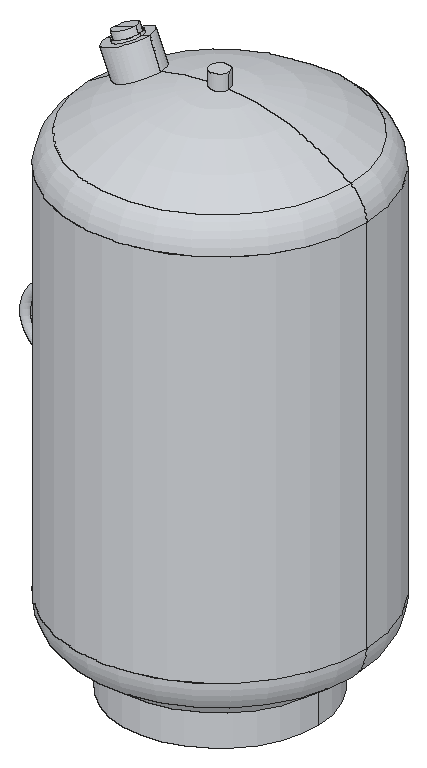
Revit family
Parameters (values of type "AX-40V 125# W.P.")
  Weight = "80.4 lbs"
  Tank Volume = "21.7 Gal"
  Tank Only/Less Stand = 29.000"
  Tank Height = 29.375"
  Tank Diameter = 16.000"
  Pipe Connector Diameter = Pipe Connection Radius * 2  # 0.500"
  Pipe Connection Radius = 0.250"
  Model = "AX-40V"
  Maximum Acceptance Volume = "11.3 Gal"
  Max Operating Temp = "240 DEG F"
  Max Operating Pressure = "125 PSI"
  Manufacturer = "Amtrol"
  Lifting Ring Location = Tank Height / 2  # 14.6875"
  Floor to Bottom of Tank = 0.375"
  Bladder/Diaphragm = "Diaphragm"
  ASME = no
Types (6): name | Weight | Tank Volume | Tank Only/Less Stand | Tank Height | Model | Max Operating Pressure | Lifting Ring Location
  (no name) | "80.4 lbs" | "21.7 Gal" | 29.000" | 29.375" | "AX-40V" | "125 PSI" | 14.6875"
  AX-40V 125# W.P. | "80.4 lbs" | "21.7 Gal" | 29.000" | 29.375" | "AX-40V" | "125 PSI" | 14.6875"
  AX-40V 150# W.P. 10 BAR | "84 lbs" | "21.7 Gal" | 29.000" | 29.375" | "AX-40V" | "150 PSI" | 14.6875"
  AX-40V 175# W.P. | "80.4 lbs" | "21.7 Gal" | 29.000" | 29.375" | "AX-40V" | "175 PSI" | 14.6875"
  AX-60V 125# W.P. | "80.4 lbs" | "33.6 Gal" | 43.000" | 43.375" | "AX-60V" | "125 PSI" | 21.6875"
  AX-60V 150# W.P. 10 BAR | "80.4 lbs" | "33.6 Gal" | 43.000" | 43.375" | "AX-60V" | "150 PSI" | 21.6875"
Reference planes (in)
  plane 1 "Center (Front/Back)": y = 0
  plane 2: z = 0
  plane 3 "Center (Left/Right)": x = 0
Forms (in)
  Sweep 1, solid
    path origin (-0.03347, 0, 9.85096) x (1, 0, 0) y (0, 0, 1)
      loop
        line (0.03347, 19.50582) -> (0.03347, 20.31859)
    profile origin (0, 0, 29.76317) x (-1, 0, 0) y (0, -1, 0)
      loop
        circle (0, 0) r 0.5
  Revolve 2, solid
    sketch origin (0, 0, 0) x (1, 0, 0) y (0, 0, 1)
      loop
        line (-5.375, 0) -> (-5.18945, 0) -> (-5.18945, 2.08664) -> (-5.375, 2.08664) -> (-5.375, 0)
      axis (0, 0) -> (0, 2.08664)
    angle from 0 to 360
  Revolve 3, solid
    sketch origin (-1.03414, 0, 9.76781) x (1, 0, 0) y (0, 0, 1)
      loop
        line (-3.33687, 18.67086) -> (-2.17783, 19.13915) -> (-2.80057, 20.68048) -> (-3.26416, 20.49317) -> (-3.30563, 20.5958) -> (-3.40254, 20.55665) -> (-3.54231, 20.90259) -> (-4.14084, 20.66076) -> (-3.33687, 18.67086)
      axis (-3.33687, 18.67086) -> (-4.14084, 20.66076)
    angle from 0 to 360
  Revolve 4, solid
    sketch origin (0, 0, 0) x (1, 0, 0) y (0, 0, 1)
      loop
        line (0, 29.375) -> (0, 0.375)
        arc (0, 0.375) -> (3.8585, 1.05671) -> (7.24605, 3.02579) r 11.19974
        arc (7.24605, 3.02579) -> (7.80015, 3.75354) -> (7.997, 4.64678) r 2.125
        line (7.997, 4.64678) -> (7.997, 25.46267)
        arc (7.997, 25.46267) -> (7.7408, 26.35292) -> (7.13018, 27.04957) r 2.125
        arc (7.13018, 27.04957) -> (3.75041, 28.7805) -> (0, 29.375) r 12.0625
      axis (0, 0.375) -> (0, 29.375)
    angle from 0 to 360
  Sweep 5, solid
    path origin (0.27363, 0, -0.00944) x (1, 0, 0) y (0, 0, 1)
      loop
        line (-8.1665, 16.44694) -> (-9.104, 16.44694)
        arc (-9.104, 16.44694) -> (-10.854, 14.69694) -> (-9.104, 12.94694) r 1.75
        line (-9.104, 12.94694) -> (-8.1665, 12.94694)
    profile origin (-8.36162, 0, 16.4375) x (0, 0, -1) y (0, -1, 0)
      loop
        circle (0, 0) r 0.25
Dimensions and locks (in)
  Revolve 3 sketch curve to Revolve 3 sketch curve = 1.66238"
  Revolve 3 sketch curve to Revolve 3 sketch curve = 2.14618"
  Revolve 3 sketch curve to Revolve 3 sketch curve = 1.77307"
  "Floor to Bottom of Tank": Revolve 4 sketch curve to level
  locked: Revolve 4 sketch curve to Revolve 4 sketch curve at 9.9375
  locked: Revolve 4 sketch curve to Revolve 4 sketch curve at 7.997
  "Tank Only/Less Stand": Revolve 4 sketch curve to Revolve 4 sketch curve
  "Lifting Ring Location": Sweep 5 sketch curve to level
  Revolve 3 sketch curve to Revolve 4 = 2.976"
  Revolve 3 sketch curve to Revolve 4 = 3.44428"
  Sweep 1 sketch curve to Revolve 4 = 3.89411"
  aligned and locked: plane 3 "Center (Left/Right)" to Sweep 1 sketch curve
  aligned and locked: import instance to plane 1 "Center (Front/Back)"
Automatic sketch dimensions
  plane 1 "Center (Front/Back)" to Sweep 1 sketch curve = 0.000"
  Sweep 1 sketch curve to profile plane = 0.000"
  Revolve 2 sketch curve to level = 0.000"  (x2)
  Revolve 2 sketch curve to plane 3 "Center (Left/Right)" = 0.000"
  level to Revolve 2 sketch curve = 2.08664"
  Revolve 2 sketch curve to plane 3 "Center (Left/Right)" = 5.18945"
  Revolve 2 sketch curve to Revolve 2 sketch curve = 0.18555"
  Revolve 2 sketch curve to Revolve 2 sketch curve = 4.000"
  Revolve 3 sketch curve to plane 3 "Center (Left/Right)" = 5.36229"
  Revolve 3 sketch curve to Revolve 3 sketch curve = 0.1873"
  Revolve 3 sketch curve to Revolve 3 sketch curve = 0.13977"
  Revolve 3 sketch curve to Revolve 3 sketch curve = 0.09692"
  Revolve 3 sketch curve to Revolve 3 sketch curve = 0.52444"
  Revolve 3 sketch curve to Revolve 3 sketch curve = 0.46359"  (x2)
  Revolve 3 sketch curve to Revolve 3 sketch curve = 1.29804"
  Revolve 4 sketch curve to plane 3 "Center (Left/Right)" = 0.000"  (x2)
  Revolve 4 sketch curve to level = 0.000"
  plane 3 "Center (Left/Right)" to Revolve 4 sketch curve = 0.01024"
  plane 3 "Center (Left/Right)" to Revolve 4 sketch curve = 0.01074"
  Revolve 4 sketch curve to Revolve 4 sketch curve = 2.125"
  Revolve 4 sketch curve to Revolve 4 sketch curve = 2.12111"
  Revolve 4 sketch curve to Revolve 4 sketch curve = 0.86683"
  Revolve 4 sketch curve to Revolve 4 sketch curve = 0.000"
  Revolve 4 sketch curve to Revolve 4 sketch curve = 0.75095"
  level to Revolve 4 sketch curve = 3.02579"
  Revolve 4 sketch curve to Revolve 4 sketch curve = 2.08635"
  Sweep 5 sketch curve to plane 3 "Center (Left/Right)" = 8.83037"
  Sweep 5 sketch curve to Sweep 5 sketch curve = 0.9375"  (x2)
  Sweep 5 sketch curve to Sweep 5 sketch curve = 1.750"
  Sweep 5 sketch curve to plane 1 "Center (Front/Back)" = 0.000"
  Sweep 5 sketch curve to profile plane = 0.000"
  Sweep 1 sketch curve to Sweep 1 sketch curve = 0.81278"
  radius of Sweep 1 sketch curve = 0.500"
  radius of Sweep 5 sketch curve = 0.250"
Connectors (in)
  piping at (0, 0, 30.16956), driven by "Pipe Connection Radius"
    settings: on Sweep 1, index 1
